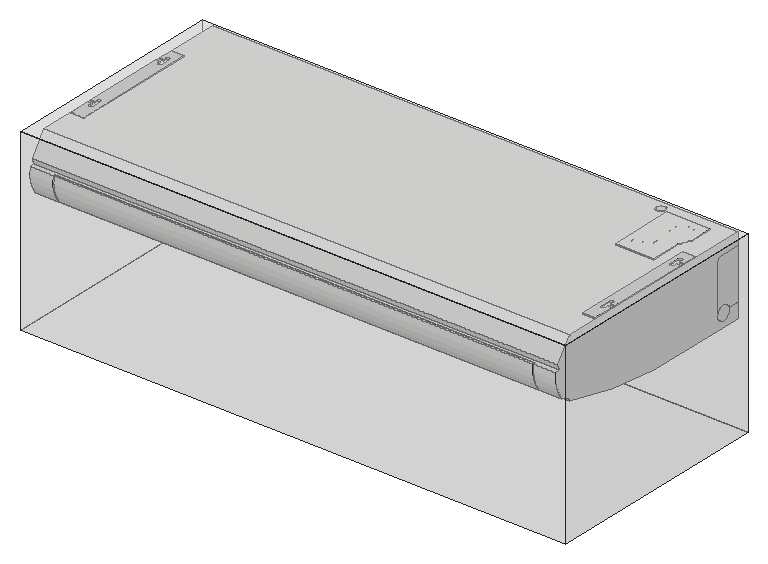
Revit family "outputfile", category 機械設備, Revit 2024
Family settings
  丸型コネクタ寸法 = 半径を使用
  パーツ タイプ = 標準
  OmniClass 番号 = 23.75.10.24.21.27.27
  OmniClass タイトル = Split System Air Conditioning Units
  作業面ベース = いいえ
  常に垂直 = はい
  ロード時にボイドで切り取り = いいえ
  注釈の向きを維持 = いいえ
  共有 = いいえ
  部屋計算ポイント = はい
Parameters (values of type "FHA30DV2S")
  製造元 = "Daikin"
  書き出し IFC クラス(タイプ) = "IfcUnitaryEquipmentType"
  定義済み IFC タイプ(タイプ) = "AIRCONDITIONINGUNIT"
  モデル = "FHA30DV2S"
  switch_frequency = yes
  r_Liquid Pipe Size = Liquid Pipe Size / 2  # 4.75 mm
  r_Gas Pipe Size = Gas Pipe Size / 2  # 7.95 mm
  r_Drain Pipe Size = Drain Pipe Size / 2  # 10.0 mm
  l_powersupply [instance] = if(Rear Right Connection_powersupply, 29.0 mm, 175.0 mm)  # 29.0 mm
  h_mountinghole = 2.0 mm
  connector_voltage = Voltage_50Hz  # 220 V
  connector_powerinput = [Power Input (Cooling)]  # 2.790 kW
  connector_phase = Phase_50Hz  # 1
  angle_vertical_powersupply [instance] = if(Rear Right Connection_powersupply, 90.00°, 180.00°)  # 90.00°
  angle_vertical_drainpipe [instance] = if(or(Left Connection_drainpipe, Right Connection_drainpipe), 90.00°, if(Top Connection_drainpipe, 180.00°, -90.00°))  # -90.00°
  angle_horizontal_powersupply [instance] = if(Rear Right Connection_powersupply, 180.00°, 0.00°)  # 180.00°
  angle_horizontal_drainpipe [instance] = if(Right Connection_drainpipe, 90.00°, if(Left Connection_drainpipe, -90.00°, 0.00°))  # 0.00°
  Voltage_comment_50Hz = "220 - 240"
  Voltage_50Hz = 220 V
  Top Connection_refrigerant [instance] = no
  Top Connection_powersupply [instance] = not(Rear Right Connection_powersupply)  # no
  Right Connection_refrigerant [instance] = no
  Rear Right Connection_refrigerant [instance] = yes
  Phase_50Hz = 1
  Material_Casing = DAIKIN_White_Casing_indoorunit
  lw_powersupply [instance] = if(Rear Right Connection_powersupply, 220.0 mm, 210.0 mm)  # 220.0 mm
  lw_mountinghole_pitch = Width - 40.0 mm  # 1550.0 mm
  lw_mountinghole = 20.0 mm
  lw_liquidpipe [instance] = if(Right Connection_refrigerant, 156.0 mm, if(Top Connection_refrigerant, 156.0 mm, 136.0 mm))  # 136.0 mm
  lw_gaspipe = 105.0 mm
  lw_drainpipe [instance] = if(Top Connection_drainpipe, 102.0 mm, if(Width = 960.0 mm, if(or(Left Connection_drainpipe, Rear Left Connection_drainpipe), 884.0 mm, 83.0 mm), if(Width = 1270.0 mm, if(or(Left Connection_drainpipe, Rear Left Connection_drainpipe), 1194.0 mm, 83.0 mm), if(Width = 1590.0 mm, if(or(Left Connection_drainpipe, Rear Left Connection_drainpipe), 1514.0 mm, 83.0 mm), 83.0 mm))))  # 83.0 mm
  lh_powersupply = 175.0 mm
  lh_liquidpipe [instance] = if(Rear Right Connection_refrigerant, 160.0 mm, 131.0 mm)  # 160.0 mm
  lh_gaspipe [instance] = if(Rear Right Connection_refrigerant, 150.0 mm, 91.0 mm)  # 150.0 mm
  lh_drainpipe = 197.0 mm
  l_antena = 1.0 mm
  ld_powersupply = 30.0 mm
  ld_mountinghole_pitch = 260.0 mm
  ld_mountinghole = 210.0 mm
  ld_liquidpipe [instance] = if(Right Connection_refrigerant, 57.0 mm, if(Top Connection_refrigerant, 189.0 mm, 221.0 mm))  # 221.0 mm
  ld_gaspipe [instance] = if(Right Connection_refrigerant, 57.0 mm, if(Top Connection_refrigerant, 163.0 mm, 214.0 mm))  # 214.0 mm
  ld_drainpipe [instance] = if(or(Left Connection_drainpipe, Right Connection_drainpipe), 57.0 mm, if(Top Connection_drainpipe, 87.0 mm, 268.0 mm))  # 268.0 mm
  l_liquidpipe_length [instance] = if(Right Connection_refrigerant, 156.0 mm, if(Top Connection_refrigerant, 131.0 mm, 220.0 mm))  # 220.0 mm
  l_gaspipe_length [instance] = if(Right Connection_refrigerant, 105.0 mm, if(Top Connection_refrigerant, 91.0 mm, 213.0 mm))  # 213.0 mm
  l_drainpipe_length [instance] = if(Right Connection_drainpipe, 83.0 mm, if(Top Connection_drainpipe, 197.0 mm, if(Left Connection_drainpipe, 76.0 mm, 267.0 mm)))  # 267.0 mm
  h*** = 0.0 mm
  angle_vertical [instance] = if(Right Connection_refrigerant, 90.00°, if(Top Connection_refrigerant, 180.00°, -90.00°))  # -90.00°
  angle_horizontal [instance] = if(Right Connection_refrigerant, 90.00°, 0.00°)  # 0.00°
  Width = 1590.0 mm
  Version = "ver.1.0"
  Unit Type = "Ceiling"
  Unit Mass Weight = 38.00 kg
  Unit Designation [instance] = ""
  Uniclass2015Version = "Products v1.30"
  Uniclass2015Title = "Split coil room air conditioning units"
  Uniclass2015Code = "Pr_70_65_03_86"
  Total Cooling Capacity [instance] = 0.000 kW
  Top Connection_drainpipe [instance] = no
  Sound Pressure Level_M speed (dBA) = 38
  Sound Pressure Level_L speed (dBA) = 34
  Sound Pressure Level_H speed (dBA) = 42
  Series = "SkyAir_Fan Coil Unit"
  Sensible Cooling Capacity [instance] = 0.000 kW
  Rear Right Connection_drainpipe [instance] = yes
  Rear Right Connection_powersupply [instance] = yes
  Right Connection_drainpipe [instance] = no
  Refrigerant Type = "R32"
  Power Input (Cooling) = 2.790 kW
  Option Accessory 3 [instance] = ""
  Option Accessory 2 [instance] = ""
  Option Accessory 1 [instance] = ""
  Nominal Cooling Capacity = 8.800 kW
  Minimum Airflow = 1200.00 m³/h
  Median Airflow = 1440.00 m³/h
  Maximum Airflow = 1680.00 m³/h
  Load Classification = HVAC
  Liquid Pipe Size = 9.5 mm
  Link_Nested Family [instance] = ""
  Rear Left Connection_drainpipe [instance] = no
  Left Connection_drainpipe [instance] = no
  IfcVersion = ""
  IfcExportType = "AIRCONDITIONINGUNIT"
  IfcExportAs = "IfcUnitaryEquipmentType"
  Height = 235.0 mm
  Heat Exchanger Type = "Cross Fin Coil"
  Gas Pipe Size = 15.9 mm
  Frequency_50Hz = 50 Hz
  Fan Type = "Sirocco Fan"
  Fan Drive = "Direct Drive"
  FCU Tag No. [instance] = ""
  Drain Pipe Size = 20.0 mm
  Design Supply Airflow [instance] = 0.00 m³/h
  Design Outdoor Airflow [instance] = 0.00 m³/h
  Depth = 690.0 mm
  既定の高さ = 0.0 mm
  Cooling Entering Wet Bulb Temperature [instance] = 0.00 °C
  Cooling Entering Dry Bulb Temperature [instance] = 0.00 °C
  Cooling Ambient Wet Bulb Temperature [instance] = 0.00 °C
  Cooling Ambient Dry Bulb Temperature [instance] = 0.00 °C
  Clearance visibility [instance] = yes
  Clearance Top = 5.0 mm
  Clearance Right = 30.0 mm
  Clearance Rear = 0.0 mm
  Clearance Left = 30.0 mm
  Clearance Front = 0.0 mm
  Clearance Bottom = 300.0 mm
Reference planes
  plane 1 "Back": y = 0
  plane 2: z = 0
  plane 3 "Center (Left/Right)": x = 0
  plane 4 "Center (Front/Back)": y = -1
  plane 5 "Front": y = -690
  plane 6 "Left": x = -795
  plane 7 "Right": x = 795
  plane 8 "Top": z = 0
  plane 9 "Bottom": z = -235
  plane 10: y = -690
  plane 11: x = -825
  plane 12: x = 825
  plane 13: z = 5
  plane 14: z = -535
  plane 15: y = 0
  plane 16 "lw_mountinghole": x = -775
  plane 17 "lw_mountinghole2": x = 775
  plane 18 "ld_mountinghole": y = -210
  plane 19 "ld_mountinghole2": y = -470
  plane 20 "lw_gaspipe": x = 690
  plane 21 "ld_gaspipe": y = -214
  plane 22 "lh_gaspipe": z = -150
  plane 23 "lw_liquidpipe": x = 659
  plane 24 "ld_liquidpipe": y = -221
  plane 25 "lh_liquidpipe": z = -160
  plane 26 "ld_drainpipe": y = -268
  plane 27 "lw_drainpipe": x = 712
  plane 28 "lh_drainpipe": z = -197
  plane 29 "lw_powersupply": x = 575
  plane 30 "lh_powersupply": z = -175
  plane 31 "ld_powersupply": y = -30
  plane 32: x = -725.5
  plane 33: x = 725.5
  plane 34: x = -750
  plane 35: x = 750
  plane 36: x = -2
  plane 37: x = 2
Forms (mm)
  Extrusion 1, solid, material "DAIKIN_White_Casing_indoorunit" <- "Material_Casing"
    sketch origin (0, 0, 0) x (0, 1, 0) y (0, 0, 1)
      loop
        line (-639.277, 0) -> (-680.876, -61.699) -> (-675.026, -77.772)
        arc (-675.026, -77.772) -> (-681.815, -78.743) -> (-688.601, -79.732) r 2634.132
        arc (-688.601, -79.732) -> (-687.018, -121.096) -> (-669.159, -158.439) r 102.2
        line (-669.159, -158.439) -> (-639.858, -169.325) -> (-635.895, -178.261)
        arc (-635.895, -178.261) -> (-479.121, -215.759) -> (-319.077, -235) r 1400.997
        line (-319.077, -235) -> (-1, -235) -> (-1, 0) -> (-639.277, 0)
    from -795 to 795
  Extrusion 2, solid, material "DAIKIN_White_Casing_indoorunit" <- "Material_Casing"
    sketch origin (0, 0, 0) x (0, 1, 0) y (0, 0, 1)
      loop
        arc (-688.601, -79.732) -> (-687.018, -121.096) -> (-669.159, -158.439) r 102.2
        line (-669.159, -158.439) -> (-665.589, -154.869)
        arc (-665.589, -154.869) -> (-682.432, -118.783) -> (-683.39, -78.971) r 97.2
        arc (-683.39, -78.971) -> (-685.996, -79.351) -> (-688.601, -79.732) r 2634.132
    from -725.5 to 725.5
  Extrusion 3, void
    sketch origin (0, 0, 0) x (0, 1, 0) y (0, 0, 1)
      loop
        line (-301.098, -235) -> (-21.098, -235) -> (-21.098, -230) -> (-301.098, -230) -> (-301.098, -235)
    from -750 to 750
  Extrusion 4, solid, material "DAIKIN_White_Grille_indoorunit"
    sketch origin (0, 0, 0) x (0, 1, 0) y (0, 0, 1)
      loop
        line (-20.098, -230) -> (-301.098, -230) -> (-301.098, -235) -> (-20.098, -235) -> (-20.098, -230)
    from -750 to -2
  Extrusion 5, solid, material "DAIKIN_White_Casing_indoorunit" <- "Material_Casing"
    sketch origin (0, 0, 0) x (1, 0, 0) y (0, 0, 1)
      loop
        line (602, -63) -> (602, -178) -> (673, -220) -> (736, -220) -> (736, -63) -> (602, -63)
    from 0 to 1
  Extrusion 6, solid, material "DAIKIN_White_Casing_indoorunit" <- "Material_Casing"
    sketch origin (0, 0, 0) x (-1, 0, 0) y (0, -1, 0)
      loop
        line (-607, 35) -> (-607, 230) -> (-723, 230) -> (-723, 135) -> (-738, 105) -> (-738, 35) -> (-607, 35)
    from 0 to 1.9
  Extrusion 7, void
    sketch origin (795, 0, 0) x (0, 1, 0) y (0, 0, 1)
      loop
        arc (-79.5, -195) -> (-55.446, -217.446) -> (-34.715, -191.9) r 22.5
        line (-34.715, -191.9) -> (-1, -191.9) -> (-1, -190.1) -> (-35.04, -190.1)
        arc (-35.04, -190.1) -> (-54.942, -172.594) -> (-77.7, -186.182) r 22.5
        line (-77.7, -186.182) -> (-77.7, -43)
        arc (-77.7, -43) -> (-76.528, -40.172) -> (-73.7, -39) r 4
        line (-73.7, -39) -> (-1, -39) -> (-1, -37.2) -> (-73.7, -37.2)
        arc (-73.7, -37.2) -> (-77.801, -38.899) -> (-79.5, -43) r 5.8
        line (-79.5, -43) -> (-79.5, -195)
      loop
        circle (-57, -195) r 20.7
    from 0 to -10
  Extrusion 8, void
    sketch origin (-1444.026, -1, 1200) x (1, 0, 0) y (0, 0, 1)
      loop
        arc (715.026, -1375) -> (704.42, -1379.393) -> (700.026, -1390) r 15
        line (700.026, -1390) -> (700.026, -1400)
        arc (700.026, -1400) -> (704.42, -1410.607) -> (715.026, -1415) r 15
        line (715.026, -1415) -> (745.026, -1415)
        arc (745.026, -1415) -> (755.633, -1410.607) -> (760.026, -1400) r 15
        line (760.026, -1400) -> (760.026, -1390)
        arc (760.026, -1390) -> (755.633, -1379.393) -> (745.026, -1375) r 15
        line (745.026, -1375) -> (715.026, -1375)
    from 0 to 10
  Extrusion 9, void
    sketch origin (-795, 0, 0) x (0, 1, 0) y (0, 0, 1)
      loop
        circle (-57, -197) r 22.5
    from 0 to 10
  Extrusion 10, void
    sketch origin (-1444.026, -1, 1200) x (1, 0, 0) y (0, 0, 1)
      loop
        circle (2136.026, -1375) r 44
    from 0 to 10
  Extrusion 11, void
    sketch origin (0, 0, 0) x (-1, 0, 0) y (0, -1, 0)
      loop
        circle (-693, 87) r 30
    from 0 to -10
  Extrusion 12, void
    sketch origin (0, 0, 0) x (-1, 0, 0) y (0, -1, 0)
      loop
        circle (-690, 163) r 18
    from 0 to -10
  Extrusion 13, void
    sketch origin (0, 0, 0) x (-1, 0, 0) y (0, -1, 0)
      loop
        circle (-639, 189) r 13
    from 0 to -10
  Extrusion 14, void
    sketch origin (-1444.026, -1, 1200) x (1, 0, 0) y (0, 0, 1)
      loop
        circle (2019.026, -1375) r 14.5
    from 0 to 10
  Extrusion 15, void
    sketch origin (0, 0, 0) x (-1, 0, 0) y (0, -1, 0)
      loop
        circle (-585, 30) r 14.5
    from 0 to -10
  Extrusion 16, void
    sketch origin (795, 0, 0) x (0, 1, 0) y (0, 0, 1)
      loop
        arc (-665.589, -154.869) -> (-682.432, -118.783) -> (-683.39, -78.971) r 97.2
        arc (-683.39, -78.971) -> (-685.996, -79.351) -> (-688.601, -79.732) r 2634.132
        arc (-688.601, -79.732) -> (-687.018, -121.096) -> (-669.159, -158.439) r 102.2
        line (-669.159, -158.439) -> (-665.589, -154.869)
    from -69.5 to -1520.5
  Extrusion 17, solid, material "DAIKIN_White_Casing_indoorunit" <- "Material_Casing"
    sketch origin (-795, 0, 0) x (0, 1, 0) y (0, 0, 1)
      loop
        circle (-57, -197) r 22.5
    from 0 to 10
  Extrusion 18, solid, material "DAIKIN_White_Grille_indoorunit"
    sketch origin (780, 0, 0) x (0, 1, 0) y (0, 0, 1)
      loop
        line (-20.098, -230) -> (-301.098, -230) -> (-301.098, -235) -> (-20.098, -235) -> (-20.098, -230)
    from -782 to -778
  Extrusion 19, solid, material "DAIKIN_White_Grille_indoorunit"
    sketch origin (0, 0, 0) x (0, 1, 0) y (0, 0, -1)
      loop
        line (-20.098, 230) -> (-20.098, 235) -> (-301.098, 235) -> (-301.098, 230) -> (-20.098, 230)
    from -750 to -2
Cuts and joins
  Extrusion 3, Extrusion 7, Extrusion 8, Extrusion 9, Extrusion 10, Extrusion 11, Extrusion 12, Extrusion 13, Extrusion 14, Extrusion 15, Extrusion 16 cuts Extrusion 1
Lines and regions (mm)
  reference lines
    curve 1: line (795, -580.282, -192.75) -> (795, -551.225, -200.21)
Dimensions and locks
  equal spacing: plane 6 "Left", plane 3 "Center (Left/Right)", plane 7 "Right"
  "Width": plane 6 "Left" to plane 7 "Right"
  "Depth": plane 5 "Front" to plane 1 "Back"
  "Height": plane 8 "Top" to plane 9 "Bottom"
  "Clearance Front": plane 10 to plane 5 "Front"
  "Clearance Left": plane 11 to plane 6 "Left"
  "Clearance Right": plane 7 "Right" to plane 12
  "Clearance Top": plane 13 to plane 8 "Top"
  "Clearance Bottom": plane 9 "Bottom" to plane 14
  "Clearance Rear": plane 1 "Back" to plane 15
  locked: plane 4 "Center (Front/Back)" to plane 1 "Back" at 1
  locked: Extrusion 1 sketch curve to Extrusion 1 sketch curve at 235
  locked: Extrusion 1 sketch curve to Extrusion 1 sketch curve at 318.077
  locked: Extrusion 1 sketch curve to Extrusion 1 sketch curve at 1163.297
  locked: Extrusion 1 sketch curve to Extrusion 1 sketch curve at 231.144
  Extrusion 3 sketch curve to Extrusion 3 sketch curve to plane 1 "Back" = 280.0 mm locked, 21.098 mm locked
  "ld_mountinghole": plane 18 "ld_mountinghole" to plane 1 "Back"
  "ld_mountinghole_pitch": plane 18 "ld_mountinghole" to plane 19 "ld_mountinghole2"
  "lw_mountinghole_pitch": plane 16 "lw_mountinghole" to plane 17 "lw_mountinghole2"
  "lw_mountinghole": plane 6 "Left" to plane 16 "lw_mountinghole"
  "lw_gaspipe": plane 20 "lw_gaspipe" to plane 7 "Right"
  "ld_gaspipe": plane 1 "Back" to plane 21 "ld_gaspipe"
  "lw_liquidpipe": plane 23 "lw_liquidpipe" to plane 7 "Right"
  "ld_liquidpipe": plane 1 "Back" to plane 24 "ld_liquidpipe"
  "lw_drainpipe": plane 27 "lw_drainpipe" to plane 7 "Right"
  "ld_drainpipe": plane 26 "ld_drainpipe" to plane 1 "Back"
  plane 8 "Top" to Extrusion 5 sketch curve to Extrusion 5 sketch curve = 63.0 mm locked, 157.0 mm locked
  plane 7 "Right" to Extrusion 5 sketch curve to Extrusion 5 sketch curve = 59.0 mm locked, 134.0 mm locked
  locked: Extrusion 5 sketch curve to Extrusion 5 sketch curve at 115
  locked: Extrusion 5 sketch curve to Extrusion 5 sketch curve at 63
  locked: Extrusion 6 sketch curve to Extrusion 6 sketch curve at 195
  locked: Extrusion 6 sketch curve to Extrusion 6 sketch curve at 116
  locked: Extrusion 6 sketch curve to Extrusion 6 sketch curve at 131
  locked: Extrusion 6 sketch curve to Extrusion 6 sketch curve at 100
  locked: Extrusion 6 sketch curve to plane 1 "Back" at 35
  locked: Extrusion 6 sketch curve to plane 7 "Right" at 57
  locked: Extrusion 8 sketch curve to Extrusion 8 sketch curve at 40
  locked: Extrusion 8 sketch curve to Extrusion 8 sketch curve at 60
  locked: plane 8 "Top" to Extrusion 8 sketch curve at 175
  locked: Extrusion 8 sketch curve to plane 6 "Left" at 51
  locked: plane 7 "Right" to Extrusion 10 sketch curve at 103
  locked: plane 8 "Top" to Extrusion 10 sketch curve at 175
  locked: Extrusion 11 sketch curve to plane 1 "Back" at 87
  locked: Extrusion 11 sketch curve to plane 7 "Right" at 102
  locked: Extrusion 12 sketch curve to plane 1 "Back" at 163
  locked: Extrusion 12 sketch curve to plane 7 "Right" at 105
  locked: Extrusion 13 sketch curve to plane 1 "Back" at 189
  locked: Extrusion 13 sketch curve to plane 7 "Right" at 156
  "lw_powersupply": plane 29 "lw_powersupply" to plane 7 "Right"
  "lh_gaspipe": plane 8 "Top" to plane 22 "lh_gaspipe"
  "lh_liquidpipe": plane 8 "Top" to plane 25 "lh_liquidpipe"
  "lh_powersupply": plane 8 "Top" to plane 30 "lh_powersupply"
  "lh_drainpipe": plane 8 "Top" to plane 28 "lh_drainpipe"
  "ld_powersupply": plane 1 "Back" to plane 31 "ld_powersupply"
  locked: plane 8 "Top" to Extrusion 7 sketch curve at 195
  locked: Extrusion 7 sketch curve to plane 1 "Back" at 57
  locked: plane 9 "Bottom" to Extrusion 7 sketch curve at 43.1
  locked: Extrusion 7 sketch curve to plane 8 "Top" at 39
  locked: Extrusion 7 sketch curve to plane 1 "Back" at 79.5
  locked: Extrusion 9 sketch curve to plane 1 "Back" at 57
  locked: plane 8 "Top" to Extrusion 9 sketch curve at 197
  locked: Extrusion 17 sketch curve to plane 1 "Back" at 57
  locked: plane 8 "Top" to Extrusion 17 sketch curve at 197
  locked: plane 7 "Right" to Extrusion 14 sketch curve at 220
  locked: plane 8 "Top" to Extrusion 14 sketch curve at 175
  locked: Extrusion 15 sketch curve to plane 7 "Right" at 210
  locked: Extrusion 15 sketch curve to plane 1 "Back" at 30
  locked: curve 1 to plane 9 "Bottom" at 34.79
  locked: curve 1 to plane 9 "Bottom" at 42.25
  locked: plane 6 "Left" to plane 32 at 69.5
  locked: plane 33 to plane 7 "Right" at 69.5
  locked: plane 35 to plane 7 "Right" at 45
  locked: plane 6 "Left" to plane 34 at 45
  plane 36 to plane 3 "Center (Left/Right)" to plane 37 = 2.0 mm locked, 2.0 mm locked
  locked: curve 1 to plane 9 "Bottom" (angle 14.40°)
  aligned and locked: level to plane 2
  aligned and locked: nested 1 to plane 11
  aligned and locked: nested 1 to plane 12
  aligned and locked: nested 1 to plane 10
  aligned and locked: plane 13 to nested 1
  aligned and locked: plane 14 to nested 1
  aligned and locked: plane 15 to nested 1
  aligned and locked: Extrusion 1 sketch curve to plane 8 "Top"
  aligned and locked: Extrusion 2 sketch curve to Extrusion 1  (x2)
  aligned and locked: plane 7 "Right" to Extrusion 1
  aligned and locked: Extrusion 1 to plane 6 "Left"
  aligned and locked: cut or joined group 1 (Extrusion 1, Extrusion 3, Extrusion 7, Extrusion 8, Extrusion 9, Extrusion 10, Extrusion 11, Extrusion 12, Extrusion 13, Extrusion 14, Extrusion 15, Extrusion 16) to Extrusion 3 sketch curve
  aligned and locked: cut or joined group 1 to Extrusion 4 sketch curve
  aligned and locked: Extrusion 5 to plane 4 "Center (Front/Back)"
  aligned and locked: Extrusion 7 sketch curve to plane 4 "Center (Front/Back)"
  aligned and locked: Extrusion 16 sketch curve to Extrusion 2  (x4)
  aligned and locked: Extrusion 16 to Extrusion 2  (x2)
  aligned and locked: nested 2 to plane 26 "ld_drainpipe"
  aligned and locked: plane 27 "lw_drainpipe" to nested 2
  aligned and locked: plane 20 "lw_gaspipe" to nested 3
  aligned and locked: nested 3 to plane 21 "ld_gaspipe"
  aligned and locked: plane 23 "lw_liquidpipe" to nested 4
  aligned and locked: nested 4 to plane 24 "ld_liquidpipe"
  aligned and locked: plane 25 "lh_liquidpipe" to nested 4
  aligned and locked: nested 5 to plane 31 "ld_powersupply"
  aligned and locked: plane 29 "lw_powersupply" to nested 5
  aligned and locked: nested 7 to plane 18 "ld_mountinghole"
  aligned and locked: plane 16 "lw_mountinghole" to nested 7
  aligned and locked: nested 6 to plane 19 "ld_mountinghole2"
  aligned and locked: plane 16 "lw_mountinghole" to nested 6
  aligned and locked: nested 9 to plane 18 "ld_mountinghole"
  aligned and locked: plane 17 "lw_mountinghole2" to nested 9
  aligned and locked: plane 17 "lw_mountinghole2" to nested 8
  aligned and locked: nested 8 to plane 19 "ld_mountinghole2"
  aligned and locked: nested 10 to curve 1
  aligned and locked: level to plane 8 "Top"
  aligned and locked: cut or joined group 1 to plane 32
  aligned and locked: plane 33 to cut or joined group 1
  aligned and locked: Extrusion 16 to plane 32
  aligned and locked: plane 33 to Extrusion 16
  aligned and locked: Extrusion 4 to plane 34
  aligned and locked: cut or joined group 1 to plane 34
  aligned and locked: plane 34 to Extrusion 4  (x3)
  aligned and locked: plane 16 "lw_mountinghole" to nested 11
  aligned and locked: plane 17 "lw_mountinghole2" to nested 12
  aligned and locked: plane 36 to Extrusion 4
  aligned and locked: Extrusion 18 to plane 36
  aligned and locked: plane 37 to Extrusion 18
  aligned and locked: Extrusion 19 to plane 37
  aligned and locked: plane 37 to Extrusion 19
  aligned and locked: plane 35 to Extrusion 19
  aligned and locked: plane 35 to Extrusion 3
  aligned and locked: Extrusion 4 to cut or joined group 1
  aligned and locked: cut or joined group 1 to Extrusion 18
  aligned and locked: cut or joined group 1 to Extrusion 19
Automatic sketch dimensions
  Extrusion 1 sketch curve to plane 4 "Center (Front/Back)" = 0.0 mm
  Extrusion 1 sketch curve to plane 5 "Front" = 102.2 mm
  Extrusion 1 sketch curve to plane 30 "lh_powersupply" = 3.261 mm
  Extrusion 1 sketch curve to plane 5 "Front" = 50.723 mm
  plane 30 "lh_powersupply" to Extrusion 1 sketch curve = 5.675 mm
  Extrusion 1 sketch curve to Extrusion 1 sketch curve = 3.963 mm
  plane 25 "lh_liquidpipe" to Extrusion 1 sketch curve = 1.561 mm
  Extrusion 1 sketch curve to plane 5 "Front" = 20.841 mm
  Extrusion 1 sketch curve to plane 5 "Front" = 14.974 mm
  Extrusion 1 sketch curve to plane 5 "Front" = 9.124 mm
  Extrusion 1 sketch curve to plane 26 "ld_drainpipe" = 37.278 mm
  Extrusion 1 sketch curve to plane 14 = 2150.825 mm
  plane 22 "lh_gaspipe" to Extrusion 1 sketch curve = 53.413 mm
  Extrusion 1 sketch curve to level = 77.772 mm
  Extrusion 1 sketch curve to Extrusion 1 sketch curve = 16.072 mm
  Extrusion 2 sketch curve to Extrusion 2 sketch curve = 0.0 mm  (x2)
  plane 25 "lh_liquidpipe" to Extrusion 2 sketch curve = 1.561 mm
  Extrusion 2 sketch curve to plane 22 "lh_gaspipe" = 4.869 mm
  Extrusion 2 sketch curve to Extrusion 2 sketch curve = 3.57 mm
  Extrusion 3 sketch curve to Extrusion 3 sketch curve = 5.0 mm
  plane 31 "ld_powersupply" to Extrusion 4 sketch curve = 9.902 mm
  Extrusion 4 sketch curve to Extrusion 4 sketch curve = 5.0 mm
  Extrusion 6 sketch curve to Extrusion 6 sketch curve = 30.0 mm
  Extrusion 7 sketch curve to Extrusion 7 sketch curve = 0.0 mm  (x6)
  Extrusion 7 sketch curve to plane 4 "Center (Front/Back)" = 0.0 mm  (x2)
  Extrusion 7 sketch curve to Extrusion 7 sketch curve = 1.8 mm  (x2)
  Extrusion 7 sketch curve to Extrusion 7 sketch curve = 4.0 mm
  Extrusion 7 sketch curve to Extrusion 7 sketch curve = 0.325 mm
  Extrusion 8 sketch curve to plane 32 = 3.5 mm  (x2)
  Extrusion 8 sketch curve to plane 28 "lh_drainpipe" = 3.0 mm
  Extrusion 8 sketch curve to Extrusion 8 sketch curve = 15.0 mm
  curve 1 to plane 5 "Front" = 109.718 mm
  Extrusion 18 sketch curve to plane 9 "Bottom" = 0.0 mm
  plane 9 "Bottom" to Extrusion 18 sketch curve = 5.0 mm
  Extrusion 18 sketch curve to plane 26 "ld_drainpipe" = 33.098 mm
  plane 31 "ld_powersupply" to Extrusion 18 sketch curve = 9.902 mm
  Extrusion 19 sketch curve to plane 9 "Bottom" = 0.0 mm
  plane 9 "Bottom" to Extrusion 19 sketch curve = 5.0 mm
  Extrusion 19 sketch curve to plane 26 "ld_drainpipe" = 33.098 mm
  plane 31 "ld_powersupply" to Extrusion 19 sketch curve = 9.902 mm
  Extrusion 4 sketch curve to plane 26 "ld_drainpipe" = 33.098 mm
  radius of Extrusion 7 sketch curve = 20.7 mm
  radius of Extrusion 9 sketch curve = 22.5 mm
  radius of Extrusion 10 sketch curve = 44.0 mm
  radius of Extrusion 11 sketch curve = 30.0 mm
  radius of Extrusion 12 sketch curve = 18.0 mm
  radius of Extrusion 13 sketch curve = 13.0 mm
  radius of Extrusion 14 sketch curve = 14.5 mm
  radius of Extrusion 15 sketch curve = 14.5 mm
  radius of Extrusion 17 sketch curve = 22.5 mm
Nested families
  nested 1: "daikin_clearancespace" at (0, -345, -264.881), visible <- "Clearance visibility", show <- "Clearance visibility", Link_Nested Family <- "Link_Nested Family", type "daikin_clearancespace"
    with width 1650.0 mm, show yes, height 540.0 mm, depth 690.0 mm, Link_Nested Family ""
  nested 2: "daikin_connector_rotate3" at (712, -268, -197), radius <- "r_Drain Pipe Size", angle_vertical <- "angle_vertical_drainpipe", angle_horizontal <- "angle_horizontal_drainpipe", length <- "l_drainpipe_length", type "daikin_connector_rotate3"
    with show no, radius 10.0 mm, length 267.0 mm, angle_vertical -90.00°, angle_horizontal 0.00°
  nested 3: "daikin_connector_rotate3" at (690, -214, -150), radius <- "r_Gas Pipe Size", angle_vertical <- "angle_vertical", angle_horizontal <- "angle_horizontal", length <- "l_gaspipe_length", type "daikin_connector_rotate3"
    with show no, radius 7.95 mm, length 213.0 mm, angle_vertical -90.00°, angle_horizontal 0.00°
  nested 4: "daikin_connector_rotate3" at (659, -221, -160), radius <- "r_Liquid Pipe Size", angle_vertical <- "angle_vertical", angle_horizontal <- "angle_horizontal", length <- "l_liquidpipe_length", type "daikin_connector_rotate3"
    with show no, radius 4.75 mm, length 220.0 mm, angle_vertical -90.00°, angle_horizontal 0.00°
  nested 5: "daikin_connector_rotate3" at (575, -30, -175), length <- "l_powersupply", angle_vertical <- "angle_vertical_powersupply", angle_horizontal <- "angle_horizontal_powersupply", type "daikin_connector_rotate3"
    with show no, radius 10.0 mm, length 29.0 mm, angle_vertical 90.00°, angle_horizontal 180.00°
  nested 6: "daikin_mountinghole" at (-775, -470, 0), l_antenna <- "l_antena", Link_Nested Family <- "Link_Nested Family", h_mountinghole <- "h_mountinghole", type "daikin_mountinghole"
    with show yes, l_antenna 1.0 mm, h_mountinghole 2.0 mm, Link_Nested Family ""
  nested 7: "daikin_mountinghole" at (-775, -210, 0), l_antenna <- "l_antena", Link_Nested Family <- "Link_Nested Family", h_mountinghole <- "h_mountinghole", type "daikin_mountinghole"
    with show yes, l_antenna 1.0 mm, h_mountinghole 2.0 mm, Link_Nested Family ""
  nested 8: "daikin_mountinghole" at (775, -470, 0), l_antenna <- "l_antena", Link_Nested Family <- "Link_Nested Family", h_mountinghole <- "h_mountinghole", type "daikin_mountinghole"
    with show yes, l_antenna 1.0 mm, h_mountinghole 2.0 mm, Link_Nested Family ""
  nested 9: "daikin_mountinghole" at (775, -210, 0), Link_Nested Family <- "Link_Nested Family", l_antenna <- "l_antena", h_mountinghole <- "h_mountinghole", type "daikin_mountinghole"
    with show yes, l_antenna 1.0 mm, h_mountinghole 2.0 mm, Link_Nested Family ""
  nested 10: "daikin_logo_plane_w40" at (647.963, -559.801, -198.008) x (1, 0, 0) z (0, -0.2487, -0.9686), type "daikin_logo_plane_w40"
    with show_logo yes
  nested 11: "daikin_hangerfixture_FHA-DV2S" at (-775, 0, 0), type "daikin_hangerfixture_FHA-DV2S"
    with width 38.0 mm, height 2.0 mm, depth 380.0 mm
  nested 12: "daikin_hangerfixture_FHA-DV2S" at (775, 0, 0) x (-1, 0, 0) z (0, 0, 1), type "daikin_hangerfixture_FHA-DV2S"
    with width 38.0 mm, height 2.0 mm, depth 380.0 mm
Connectors
  piping at (712, -1, -197), diameter 20, driven by "r_Drain Pipe Size"
    settings: on nested 2, index 1, connector inside diameter 609.6 mm, connector length 0.0 mm, flow factor 0, pipe flow 0.00 m³/h, pressure drop 0.0 Pa, fitting loss kfactor 0, connector angle 0.00°, fixture units 0, engagement length 0.0 mm, angle of deflection 0.00°, flow configuration 1, flow direction 2, fitting loss method 4, system type 16, joint type 0, gender type 0, connector reference index -1, connector utility 0, adjustable connector no, is connector primary yes, connector description "Condensate Drain Piping"
  piping at (690, -1, -150), diameter 15.9, driven by "r_Gas Pipe Size"
    settings: on nested 3, index 3, connector inside diameter 609.6 mm, connector length 0.0 mm, flow factor 0, pipe flow 0.00 m³/h, pressure drop 0.0 Pa, fitting loss kfactor 0, connector angle 0.00°, fixture units 0, engagement length 0.0 mm, angle of deflection 0.00°, flow configuration 1, flow direction 2, fitting loss method 0, system type 29, joint type 0, gender type 0, connector reference index -1, connector utility 0, adjustable connector no, is connector primary no, connector description "Refrigerant Gas Piping"
  piping at (659, -1, -160), diameter 9.5, driven by "r_Liquid Pipe Size"
    settings: on nested 4, index 4, connector inside diameter 609.6 mm, connector length 0.0 mm, flow factor 0, pipe flow 0.00 m³/h, pressure drop 0.0 Pa, fitting loss kfactor 0, connector angle 0.00°, fixture units 0, engagement length 0.0 mm, angle of deflection 0.00°, flow configuration 1, flow direction 1, fitting loss method 0, system type 29, joint type 0, gender type 0, connector reference index -1, connector utility 0, adjustable connector no, is connector primary no, connector description "Refrigerant Liquid Piping"
  electrical at (575, -1, -175), driven by "Load Classification", driven by "connector_powerinput", driven by "connector_phase", driven by "connector_voltage"
    settings: on nested 5, index 6, voltage 220 V, apparent load 2790 VA, apparent load phase1 0 VA, apparent load phase2 0 VA, apparent load phase3 0 VA, power factor 1, load classification "HVAC", number of poles 1, system type 30, power factor state 1, is connector primary yes, connector utility no, sub classification motor no, connector description "Power Supply"
Definition of nested family "daikin_clearancespace"
  Parameters (values of type "daikin_clearancespace")
    Description = "daikin_clearancespace"
    width [instance] = 1823.963 mm
    show [instance] = yes
    material = none
    height [instance] = 1359.762 mm
    depth [instance] = 880.0 mm
    Default Elevation = 0.0 mm
    Link_Nested Family [instance] = ""
  Reference planes
    plane 1 "Center (Front/Back)": y = 0
    plane 2 "Center (Elevation)": z = -0.119
    plane 3 "Center (Left/Right)": x = 0
    plane 4: y = 440
    plane 5: y = -440
    plane 6 "Right": x = 911.982
    plane 7 "Left": x = -911.982
    plane 8 "Top": z = 679.762
    plane 9 "Bottom": z = -680
  Forms (mm)
    Extrusion 1, solid, material <- "material", visible <- "show"
      sketch origin (0, 0, 0) x (1, 0, 0) y (0, 1, 0)
        loop
          line (-911.982, 440) -> (-911.982, -440) -> (911.982, -440) -> (911.982, 440) -> (-911.982, 440)
      from -680 to 679.762
  Lines and regions (mm)
    symbolic lines, visible <- "show"
      curve 1: line (911.982, 440, 0) -> (-911.982, 440, 0)
      curve 2: line (-911.982, 440, 0) -> (-911.982, -440, 0)
      curve 3: line (-911.982, -440, 0) -> (911.982, -440, 0)
      curve 4: line (911.982, -440, 0) -> (911.982, 440, 0)
      curve 5: line (911.982, 0, 679.762) -> (-911.982, 0, 679.762)
      curve 6: line (911.982, 0, -680) -> (911.982, 0, 679.762)
      curve 7: line (-911.982, 0, -680) -> (911.982, 0, -680)
      curve 8: line (-911.982, 0, 679.762) -> (-911.982, 0, -680)
      curve 9: line (0, 440, 679.762) -> (0, -440, 679.762)
      curve 10: line (0, -440, 679.762) -> (0, -440, -680)
      curve 11: line (0, 440, -680) -> (0, 440, 679.762)
      curve 12: line (0, -440, -680) -> (0, 440, -680)
  Dimensions and locks
    "width": plane 7 "Left" to plane 6 "Right"
    "depth": plane 4 to plane 5
    "height": plane 8 "Top" to plane 9 "Bottom"
    equal spacing: plane 7 "Left", plane 3 "Center (Left/Right)", plane 6 "Right"
    equal spacing: plane 4, plane 1 "Center (Front/Back)", plane 5
    equal spacing: plane 8 "Top", plane 2 "Center (Elevation)", plane 9 "Bottom"
    aligned and locked: level to plane 2 "Center (Elevation)"
    aligned and locked: Extrusion 1 sketch curve to plane 4
    aligned and locked: plane 7 "Left" to Extrusion 1 sketch curve
    aligned and locked: Extrusion 1 sketch curve to plane 5
    aligned and locked: Extrusion 1 sketch curve to plane 6 "Right"
    aligned and locked: plane 8 "Top" to Extrusion 1
    aligned and locked: curve 1 to Extrusion 1
    aligned and locked: curve 2 to Extrusion 1
    aligned and locked: curve 3 to Extrusion 1
    aligned and locked: curve 4 to Extrusion 1
    aligned and locked: curve 5 to Extrusion 1
    aligned and locked: curve 6 to Extrusion 1
    aligned and locked: curve 7 to Extrusion 1
    aligned and locked: curve 8 to Extrusion 1
    aligned and locked: curve 9 to Extrusion 1
    aligned and locked: curve 10 to Extrusion 1
    aligned and locked: curve 11 to Extrusion 1
    aligned and locked: curve 12 to Extrusion 1
    aligned and locked: Extrusion 1 to plane 9 "Bottom"
Definition of nested family "daikin_logo_plane_w40"
  Parameters (values of type "daikin_logo_plane_w40")
    width = 40.0 mm
    show_logo [instance] = yes
    material = none
    height = 0.0 mm
    depth = 0.0 mm
    Default Elevation = 1219.2 mm
  Reference planes
    plane 1 "Center (Front/Back)": y = 0
    plane 2: z = 0
    plane 3 "Center (Left/Right)": x = 0
    plane 4: z = 2
    plane 5 "left": x = -19
    plane 6: x = 19
  Forms (mm)
    Extrusion 1, solid, visible <- "show_logo"
      sketch origin (-19, 0, 0) x (1, 0, 0) y (0, 1, 0)
        loop
          line (8.902, -1.878) -> (7.789, -6.332) -> (11.13, -6.332)
          arc (11.13, -6.332) -> (12.454, -6.064) -> (13.472, -5.176) r 2.642
          arc (13.472, -5.176) -> (13.92, -4.02) -> (13.767, -2.79) r 2.537
          arc (13.767, -2.79) -> (13.452, -2.342) -> (12.982, -2.06) r 1.321
          arc (12.982, -2.06) -> (12.063, -1.902) -> (11.13, -1.878) r 6.479
          line (11.13, -1.878) -> (8.902, -1.878)
        loop
          line (10.016, -5.441) -> (10.907, -5.441)
          arc (10.907, -5.441) -> (11.591, -4.983) -> (11.988, -4.261) r 1.742
          spline (11.988, -4.261) -> (12.01, -4.155) -> (12.027, -4.03) -> (12.037, -3.893) -> (12.037, -3.747) -> (12.026, -3.598) -> (12.002, -3.451) -> (11.962, -3.31) -> (11.905, -3.181) -> (11.829, -3.069) -> (11.731, -2.978) -> (11.61, -2.913) -> (11.464, -2.88)
          line (11.464, -2.88) -> (10.573, -2.88) -> (10.016, -5.441)
        loop
          line (13.58, -6.332) -> (14.805, -6.332) -> (15.223, -5.553) -> (16.977, -5.553) -> (17.144, -6.332) -> (19.149, -6.332) -> (18.258, -1.878) -> (16.03, -1.878) -> (13.58, -6.332)
        loop
          line (16.476, -3.214) -> (15.76, -4.551) -> (16.762, -4.551) -> (16.476, -3.214)
        loop
          line (19.705, -6.332) -> (21.599, -6.332) -> (22.712, -1.878) -> (20.819, -1.878) -> (19.705, -6.332)
        loop
          line (22.712, -6.332) -> (24.606, -6.332) -> (24.908, -5.122) -> (25.831, -6.332) -> (28.17, -6.332) -> (26.388, -3.994) -> (28.949, -1.878) -> (26.945, -1.878) -> (25.401, -3.153) -> (25.719, -1.878) -> (23.826, -1.878) -> (22.712, -6.332)
        loop
          line (29.84, -1.878) -> (28.615, -6.332) -> (30.62, -6.332) -> (31.734, -1.878) -> (29.84, -1.878)
        loop
          line (31.734, -6.332) -> (33.07, -6.332) -> (33.7, -3.814) -> (34.518, -6.332) -> (36.745, -6.332) -> (37.859, -1.878) -> (36.523, -1.878) -> (35.845, -4.589) -> (34.963, -1.878) -> (32.847, -1.878) -> (31.734, -6.332)
      from 0 to 2
    Extrusion 2, solid, visible <- "show_logo"
      sketch origin (-19, 0, 0) x (1, 0, 0) y (0, 1, 0)
        loop
          line (8.7, 0) -> (4.235, 0) -> (0, -3.879) -> (0, -8) -> (8.7, 0)
      from 0 to 2
    Extrusion 3, solid, visible <- "show_logo"
      sketch origin (-19, 0, 0) x (1, 0, 0) y (0, 1, 0)
        loop
          line (0, 0) -> (0, -3.879) -> (4.235, 0) -> (0, 0)
      from 0 to 2
  Dimensions and locks
    plane 4 to plane 2 = 2.0 mm
    equal spacing: plane 5 "left", plane 3 "Center (Left/Right)", plane 6
    locked: plane 5 "left" to plane 6 at 38
    aligned and locked: level to plane 2
    aligned and locked: Extrusion 3 to plane 1 "Center (Front/Back)"  (x2)
    aligned and locked: Extrusion 2 to plane 1 "Center (Front/Back)"  (x2)
    aligned and locked: plane 4 to Extrusion 1
    aligned and locked: plane 4 to Extrusion 3
    aligned and locked: plane 4 to Extrusion 2
    aligned and locked: Extrusion 3 to plane 5 "left"
    aligned and locked: Extrusion 2 to plane 5 "left"
  Automatic sketch dimensions
    Extrusion 1 sketch curve to Extrusion 1 sketch curve = 0.901 mm
    Extrusion 1 sketch curve to Extrusion 1 sketch curve = 1.559 mm
    Extrusion 1 sketch curve to Extrusion 1 sketch curve = 1.327 mm
    Extrusion 1 sketch curve to Extrusion 1 sketch curve = 2.145 mm
    Extrusion 1 sketch curve to Extrusion 1 sketch curve = 1.448 mm
    Extrusion 1 sketch curve to Extrusion 1 sketch curve = 2.116 mm
    Extrusion 1 sketch curve to Extrusion 1 sketch curve = 1.114 mm  (x4)
    Extrusion 1 sketch curve to Extrusion 1 sketch curve = 1.336 mm  (x2)
    plane 1 "Center (Front/Back)" to Extrusion 1 sketch curve = 1.878 mm  (x5)
    Extrusion 1 sketch curve to Extrusion 1 sketch curve = 1.893 mm  (x5)
    Extrusion 1 sketch curve to Extrusion 1 sketch curve = 0.891 mm  (x4)
    Extrusion 1 sketch curve to Extrusion 1 sketch curve = 2.005 mm  (x3)
    Extrusion 1 sketch curve to Extrusion 1 sketch curve = 0.445 mm  (x2)
    plane 1 "Center (Front/Back)" to Extrusion 1 sketch curve = 3.994 mm
    Extrusion 1 sketch curve to Extrusion 1 sketch curve = 0.557 mm  (x2)
    Extrusion 1 sketch curve to Extrusion 1 sketch curve = 2.339 mm  (x2)
    Extrusion 1 sketch curve to Extrusion 1 sketch curve = 1.225 mm  (x3)
    plane 1 "Center (Front/Back)" to Extrusion 1 sketch curve = 3.153 mm
    Extrusion 1 sketch curve to Extrusion 1 sketch curve = 0.987 mm
    plane 1 "Center (Front/Back)" to Extrusion 1 sketch curve = 5.122 mm
    Extrusion 1 sketch curve to Extrusion 1 sketch curve = 0.922 mm
    plane 1 "Center (Front/Back)" to Extrusion 1 sketch curve = 6.332 mm
    Extrusion 1 sketch curve to Extrusion 1 sketch curve = 2.562 mm
    plane 1 "Center (Front/Back)" to Extrusion 1 sketch curve = 5.553 mm
    Extrusion 1 sketch curve to Extrusion 1 sketch curve = 0.167 mm
    Extrusion 1 sketch curve to Extrusion 1 sketch curve = 0.215 mm
    plane 1 "Center (Front/Back)" to Extrusion 1 sketch curve = 3.214 mm
    Extrusion 1 sketch curve to Extrusion 1 sketch curve = 0.286 mm
    plane 1 "Center (Front/Back)" to Extrusion 1 sketch curve = 4.551 mm
    Extrusion 1 sketch curve to Extrusion 1 sketch curve = 1.002 mm
    Extrusion 1 sketch curve to Extrusion 1 sketch curve = 0.537 mm
    Extrusion 1 sketch curve to Extrusion 1 sketch curve = 0.418 mm
    Extrusion 1 sketch curve to Extrusion 1 sketch curve = 1.028 mm
    plane 1 "Center (Front/Back)" to Extrusion 1 sketch curve = 4.261 mm
    Extrusion 1 sketch curve to Extrusion 1 sketch curve = 0.563 mm
    plane 1 "Center (Front/Back)" to Extrusion 1 sketch curve = 2.88 mm
    Extrusion 1 sketch curve to Extrusion 1 sketch curve = 1.088 mm
    Extrusion 1 sketch curve to Extrusion 1 sketch curve = 2.152 mm
    Extrusion 1 sketch curve to Extrusion 1 sketch curve = 0.586 mm
    Extrusion 1 sketch curve to Extrusion 1 sketch curve = 0.118 mm
    Extrusion 1 sketch curve to Extrusion 1 sketch curve = 0.298 mm
    Extrusion 1 sketch curve to Extrusion 1 sketch curve = 0.334 mm
    Extrusion 1 sketch curve to Extrusion 1 sketch curve = 0.223 mm
    Extrusion 1 sketch curve to Extrusion 1 sketch curve = 0.266 mm
    Extrusion 1 sketch curve to Extrusion 1 sketch curve = 1.671 mm
    Extrusion 1 sketch curve to Extrusion 1 sketch curve = 2.227 mm
    Extrusion 1 sketch curve to Extrusion 1 sketch curve = 0.0 mm  (x7)
    Extrusion 1 sketch curve to Extrusion 1 sketch curve = 3.453 mm
    Extrusion 1 sketch curve to Extrusion 1 sketch curve = 2.017 mm
    Extrusion 1 sketch curve to Extrusion 1 sketch curve = 0.78 mm  (x2)
    Extrusion 1 sketch curve to Extrusion 1 sketch curve = 1.743 mm
    Extrusion 1 sketch curve to Extrusion 1 sketch curve = 0.775 mm
    Extrusion 1 sketch curve to Extrusion 1 sketch curve = 0.552 mm
    Extrusion 1 sketch curve to Extrusion 1 sketch curve = 0.014 mm
    Extrusion 1 sketch curve to Extrusion 1 sketch curve = 0.952 mm
    Extrusion 1 sketch curve to Extrusion 1 sketch curve = 1.215 mm
    Extrusion 1 sketch curve to Extrusion 1 sketch curve = 0.108 mm
    plane 1 "Center (Front/Back)" to Extrusion 2 sketch curve = 0.0 mm
    Extrusion 2 sketch curve to plane 3 "Center (Left/Right)" = 19.0 mm
    Extrusion 2 sketch curve to plane 3 "Center (Left/Right)" = 14.765 mm
    Extrusion 2 sketch curve to Extrusion 2 sketch curve = 4.465 mm
    plane 1 "Center (Front/Back)" to Extrusion 2 sketch curve = 3.879 mm
    Extrusion 2 sketch curve to Extrusion 2 sketch curve = 4.12 mm
    plane 1 "Center (Front/Back)" to Extrusion 3 sketch curve = 0.0 mm
    Extrusion 3 sketch curve to plane 3 "Center (Left/Right)" = 19.0 mm
    Extrusion 3 sketch curve to plane 3 "Center (Left/Right)" = 14.765 mm
    plane 1 "Center (Front/Back)" to Extrusion 3 sketch curve = 3.879 mm
    Extrusion 1 sketch curve to plane 3 "Center (Left/Right)" = 11.211 mm
    Extrusion 1 sketch curve to Extrusion 1 sketch curve = 1.782 mm
Definition of nested family "daikin_hangerfixture_FHA-DV2S"
  Parameters (values of type "daikin_hangerfixture_FHA-CV2S")
    width = 44.0 mm
    material = none
    height = 155.0 mm
    depth = 33.0 mm
    Default Elevation = 0.0 mm
  Reference planes
    plane 1 "Center (Front/Back)": y = 0
    plane 2: z = 0
    plane 3 "Center (Left/Right)": x = 0
    plane 4: z = -2.3
    plane 5: z = -155
    plane 6: z = -12
  Forms (mm)
    Extrusion 1, solid
      sketch origin (0, 0, 0) x (1, 0, 0) y (0, 1, 0)
        loop
          line (20, -159) -> (-18, -159) -> (-18, -204) -> (-6, -204) -> (-6, -196)
          arc (-6, -196) -> (0, -190) -> (6, -196) r 6
          line (6, -196) -> (6, -224)
          arc (6, -224) -> (0, -230) -> (-6, -224) r 6
          line (-6, -224) -> (-6, -216) -> (-18, -216) -> (-18, -464) -> (-6, -464) -> (-6, -456)
          arc (-6, -456) -> (0, -450) -> (6, -456) r 6
          line (6, -456) -> (6, -484)
          arc (6, -484) -> (0, -490) -> (-6, -484) r 6
          line (-6, -484) -> (-6, -476) -> (-18, -476) -> (-18, -539) -> (20, -539) -> (20, -159)
      from 0 to 2
  Dimensions and locks
    plane 2 to plane 4 = 2.3 mm
    "height": plane 2 to plane 5
    locked: plane 2 to plane 6 at 12
    aligned and locked: level to plane 2
  Automatic sketch dimensions
    plane 3 "Center (Left/Right)" to Extrusion 1 sketch curve = 20.0 mm
    plane 1 "Center (Front/Back)" to Extrusion 1 sketch curve = 159.0 mm
    Extrusion 1 sketch curve to plane 3 "Center (Left/Right)" = 18.0 mm
    Extrusion 1 sketch curve to Extrusion 1 sketch curve = 380.0 mm
    Extrusion 1 sketch curve to Extrusion 1 sketch curve = 63.0 mm
    Extrusion 1 sketch curve to plane 3 "Center (Left/Right)" = 0.0 mm  (x4)
    plane 3 "Center (Left/Right)" to Extrusion 1 sketch curve = 6.0 mm
    Extrusion 1 sketch curve to Extrusion 1 sketch curve = 8.0 mm  (x4)
    Extrusion 1 sketch curve to Extrusion 1 sketch curve = 20.0 mm  (x2)
    Extrusion 1 sketch curve to Extrusion 1 sketch curve = 0.0 mm  (x2)
    Extrusion 1 sketch curve to Extrusion 1 sketch curve = 57.0 mm
    Extrusion 1 sketch curve to plane 3 "Center (Left/Right)" = 6.0 mm
Definition of nested family "daikin_connector_rotate3"
  Parameters (values of type "daikin_connector_rotate3")
    show [instance] = yes
    radius [instance] = 10.0 mm
    length [instance] = 600.0 mm
    angle_horizontal [instance] = 60.00°
    angle_vertical [instance] = 90.00°
    Default Elevation = 1219.2 mm
  Reference planes
    plane 1 "Center (Front/Back)": y = 0
    plane 2: z = 0
    plane 3 "Center (Left/Right)": x = 0
  Dimensions and locks
    "angle_horizontal": angle plane 3 "Center (Left/Right)" to nested 1
    aligned and locked: level to plane 2
    aligned and locked: plane 1 "Center (Front/Back)" to nested 1  (x2)
    aligned and locked: plane 3 "Center (Left/Right)" to nested 1
  Nested families
    nested 1: "daikin_connector_rotate2" at (0, 0, 0) x (0.5, 0.866, 0) z (0, 0, 1), angle_vertical <- "angle_vertical", length <- "length", radius <- "radius", type "daikin_connector_rotate2"
      with radius 10.0 mm, length 600.0 mm, angle_vertical 90.00°
  Definition of nested family "daikin_connector_rotate2"
    Parameters (values of type "daikin_connector_rotate2")
      show_face = yes
      radius [instance] = 10.0 mm
      length [instance] = 600.0 mm
      d_surface = 10.0 mm
      angle_vertical [instance] = 90.00°
      Default Elevation = 0.0 mm
    Reference planes
      plane 1 "Center (Front/Back)": y = 0
      plane 2: z = 0
      plane 3 "Center (Left/Right)": x = 0
    Forms (mm)
      Extrusion 1, solid, visible <- "show_face"
        sketch origin (0, -600, 0) x (1, 0, 0) y (0, 0, 1)
          loop
            circle (0, 0) r 10
        from 0 to -10
    Lines and regions (mm)
      reference lines
        curve 1: line (0, 0, 0) -> (0, -600, 0)
      symbolic lines
        curve 2: circle (0, 0, 0) r 5 normal (0, 0, 1)
      model lines, visible <- "show_face"
        curve 3: line (0, 0, 0) -> (0, -600, 0)
    Dimensions and locks
      "length": curve 1 to curve 1
      "length": curve 3 to curve 3
      "d_surface": Extrusion 1 to Extrusion 1
      "radius": radius of Extrusion 1 sketch curve
      "angle_vertical": angle curve 1 to plane 1 "Center (Front/Back)"
      "angle_vertical": angle curve 3 to plane 1 "Center (Front/Back)"
      aligned and locked: level to plane 2
      aligned and locked: plane 1 "Center (Front/Back)" to curve 1
      aligned and locked: plane 2 to curve 1
      aligned and locked: plane 1 "Center (Front/Back)" to curve 2
      aligned and locked: plane 3 "Center (Left/Right)" to curve 2
      aligned and locked: plane 1 "Center (Front/Back)" to curve 3
      aligned and locked: plane 2 to curve 3
      aligned and locked: Extrusion 1 to Extrusion 1
    Automatic sketch dimensions
      Extrusion 1 sketch curve to level = 0.0 mm
      Extrusion 1 sketch curve to plane 3 "Center (Left/Right)" = 0.0 mm
      radius of curve 2 = 5.0 mm
Definition of nested family "daikin_mountinghole"
  Parameters (values of type "daikin_mountinghole")
    Default Elevation = 1219.2 mm
    Type Comments = "mountinghole"
    show [instance] = yes
    material = none
    l_centerline = 100.0 mm
    l_antenna [instance] = 100.0 mm
    h_mountinghole [instance] = 0.0 mm
    d_circle = 30.0 mm
    Link_Nested Family [instance] = ""
  Reference planes
    plane 1 "Center (Front/Back)": y = 0
    plane 2: z = 0
    plane 3 "Center (Left/Right)": x = 0
    plane 4: y = 50
    plane 5: x = -50
    plane 6: x = 50
    plane 7: y = -50
    plane 8 "h_mountinghole": z = 0
    plane 9: z = 100
  Lines and regions (mm)
    model lines, detail levels fine
      curve 1: circle (0, 0, 0) r 15 normal (0, 0, 1)
      curve 2: line (-50, 0, 0) -> (50, 0, 0)
      curve 3: line (0, 50, 0) -> (0, -50, 0)
    symbolic lines, detail levels fine
      curve 4: circle (0, 0, 0) r 15 normal (0, 0, 1)
      curve 5: line (-50, 0, 0) -> (50, 0, 0)
      curve 6: line (0, 50, 0) -> (0, -50, 0)
    model lines
      curve 7: line (0, 0, 100) -> (0, 0, 0)
  Dimensions and locks
    equal spacing: plane 4, plane 1 "Center (Front/Back)", plane 7
    "l_centerline": plane 4 to plane 7
    equal spacing: plane 5, plane 3 "Center (Left/Right)", plane 6
    "l_centerline": plane 5 to plane 6
    "l_antenna": plane 9 to plane 8 "h_mountinghole"
    "h_mountinghole": plane 8 "h_mountinghole" to plane 2
    "d_circle": diameter of curve 1
    "d_circle": diameter of curve 4
    aligned and locked: level to plane 2
    aligned and locked: plane 1 "Center (Front/Back)" to curve 1
    aligned and locked: plane 3 "Center (Left/Right)" to curve 1
    aligned and locked: plane 1 "Center (Front/Back)" to curve 2
    aligned and locked: curve 3 to plane 3 "Center (Left/Right)"
    aligned and locked: plane 6 to curve 2
    aligned and locked: plane 5 to curve 2
    aligned and locked: plane 4 to curve 3
    aligned and locked: plane 7 to curve 3
    aligned and locked: plane 1 "Center (Front/Back)" to curve 4
    aligned and locked: plane 3 "Center (Left/Right)" to curve 4
    aligned and locked: plane 6 to curve 5
    aligned and locked: plane 5 to curve 5
    aligned and locked: plane 1 "Center (Front/Back)" to curve 5
    aligned and locked: plane 4 to curve 6
    aligned and locked: plane 7 to curve 6
    aligned and locked: curve 6 to plane 3 "Center (Left/Right)"
    aligned and locked: curve 7 to plane 3 "Center (Left/Right)"
    aligned and locked: plane 9 to curve 7
    aligned and locked: plane 8 "h_mountinghole" to curve 7
